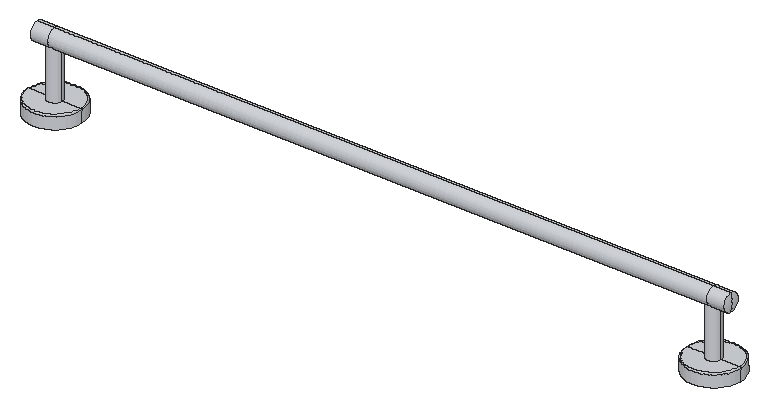
Revit family "Accessory-Towel_Bar-KOHLER-ELATE-K-27287BR_1", category Specialty Equipment, host Face, Revit 2017
Family settings
  Host = Face
  Round Connector Dimension = Use Diameter
  Part Type = Normal
  OmniClass Number = 23.31.25.25
  OmniClass Title = Towel Bars
  Cut with Voids When Loaded = No
  Shared = No
  Room Calculation Point = No
Parameters (values of type "CP-Polished Chrome")
  Width = 24"  # constant formula
  WaterSense Certified = 1 = 0  # no
  URL = "https://br.kohler.com/"
  Type = 1
  Product Page URL = "https://br.kohler.com/product-detail/27287br?skuid=K-27287BR-CP"
  Product Name = "ELATE"  # constant formula
  Product Documentation Link = ""
  Model = if(Type = 1, "K-27287BR-CP", if(Type = 2, "K-27287BR-BN", if(Type = 3, "K-27287BR-BL", "NA")))  # "K-27287BR-CP"
  Material = "Premium Metal Constructon"  # constant formula
  Master Format 2014 Name = "Toilet, Bath, and Laundry Accessories"  # constant formula
  Master Format 2014 = "10 28 00"  # constant formula
  Manufacturer Address = "Rio de Janeiro MULTIREPAROS RUA BATISTA DA COSTA, Nº 352 | STORE B Rio de Janeiro SÃO GONÇALO 24450-470"  # constant formula
  Manufacturer = "KOHLER Co."  # constant formula
  Length = 2 197/256"  # constant formula
  Height = 1 31/32"  # constant formula
  Finish = Kohler-Metal-CP-Polished_Chrome
  Environmental Product Declaration = ""
  Description = "Towel rack 610mm"  # constant formula
  Default Elevation = 42"
  Declare Label = ""
  Date Modified = "09/03/2021"  # constant formula
  Date Created = "09/03/2021"  # constant formula
  Copyright = "Copyright KOHLER Co."  # constant formula
  Contact Us = "https://br.kohler.com/asr-listing"
  Assembly Code = "C1030200"
  ADA Compliant = 1 = 0  # no
Types (4): name | Type | Product Page URL | Model | Finish
  (no name) | 1 | "https://br.kohler.com/product-detail/27287br?skuid=K-27287BR-CP" | "K-27287BR-CP" | Kohler-Metal-CP-Polished_Chrome
  CP-Polished Chrome | 1 | "https://br.kohler.com/product-detail/27287br?skuid=K-27287BR-CP" | "K-27287BR-CP" | Kohler-Metal-CP-Polished_Chrome
  BN-Vibrant Brushed Nickel | 2 | "https://br.kohler.com/product-detail/27287br?skuid=K-27287BR-BN" | "K-27287BR-BN" | Kohler-Metal-BN-Vibrant_Brushed_Nickel
  BL-Matte Black | 3 | "https://br.kohler.com/product-detail/27287br?skuid=K-27287BR-BL" | "K-27287BR-BL" | Kohler-Metal-BL-Matte_Black
Reference planes (in)
  plane 1 "Center (Front/Back)": y = 0
  plane 2: z = 0
  plane 3 "Center (Left/Right)": x = 0
  plane 4: y = 0.98425
  plane 5: y = -0.9845
  plane 6: x = -12.98425
  plane 7: x = -12
  plane 8: x = -12.67009
  plane 9: x = -11.01575
  plane 10: x = 12.98425
  plane 11: x = 12
  plane 12: x = 12.67009
  plane 13: x = 11.01575
  plane 14: z = 0.46457
  plane 15: z = 2.76953
  plane 16: z = 2.45276
  plane 17: z = 2.1378
Dimensions and locks (in)
  "Width": plane 7 to plane 11
  locked: plane 6 to plane 10 at 25.9685
  "Height": plane 5 to plane 4
  "Length": plane 15 to plane 2
  aligned and locked: plane 2 to host face
  aligned and locked: level to host face
  aligned and locked: plane 3 "Center (Left/Right)" to nested 1
  aligned and locked: plane 1 "Center (Front/Back)" to nested 1
Automatic sketch dimensions
  host sketch curve to host sketch curve = 96"  (x2)
Nested families (in)
  nested 1: "K-27287BR" at (0, 0, 0), type "K-27287BR"
Definition of nested family "K-27287BR"
  Parameters (values of type "K-27287BR")
    W = 24"
    Material = none
  Reference planes (in)
    plane 1 "Center (Front/Back)": y = 0
    plane 2: z = 0
    plane 3 "Center (Left/Right)": x = 0
    plane 4: x = -12
    plane 5: x = 12
    plane 6: x = -12.98425
    plane 7: x = -11.01575
    plane 8: x = 12.98425
    plane 9: x = 11.01575
    plane 10: y = 0.98425
    plane 11: y = -0.98425
    plane 12: z = 0.46457
    plane 13: z = 2.45276
    plane 14: z = 2.76772
  Forms (in)
    Revolve 1, solid, material <- "Material", detail levels medium+fine
      sketch origin (0, 0, 0) x (1, 0, 0) y (0, 0, 1)
        loop
          line (-11.74409, 0.46457) -> (-11.74409, 2.45276) -> (-12, 2.45276) -> (-12, 0) -> (-11.01575, 0) -> (-11.01575, 0.42409)
          arc (-11.01575, 0.42409) -> (-11.0276, 0.45271) -> (-11.05623, 0.46457) r 0.04048
          line (-11.05623, 0.46457) -> (-11.74409, 0.46457)
        axis (-12, 2.45276) -> (-12, 0)
      angle from 0 to 360
    Revolve 2, solid, material <- "Material", detail levels medium+fine
      sketch origin (0, 0, 0) x (-1, 0, 0) y (0, 0, 1)
        loop
          line (-11.74409, 0.46457) -> (-11.74409, 2.45276) -> (-12, 2.45276) -> (-12, 0) -> (-11.01575, 0) -> (-11.01575, 0.42409)
          arc (-11.01575, 0.42409) -> (-11.0276, 0.45271) -> (-11.05623, 0.46457) r 0.04048
          line (-11.05623, 0.46457) -> (-11.74409, 0.46457)
        axis (-12, 2.45276) -> (-12, 0)
      angle from 0 to 360
    Revolve 3, solid, material <- "Material", detail levels medium+fine
      sketch origin (0, 0, 0) x (1, 0, 0) y (0, 0, 1)
        loop
          line (-12, 2.76772) -> (-12.63345, 2.76772)
          arc (-12.63345, 2.76772) -> (-12.66027, 2.61125) -> (-12.66926, 2.45276) r 1.40307
          line (-12.66926, 2.45276) -> (-12, 2.45276) -> (-12, 2.76772)
        axis (-12.66926, 2.45276) -> (-12, 2.45276)
      angle from 0 to 360
    Revolve 4, solid, material <- "Material", detail levels medium+fine
      sketch origin (0, 0, 0) x (-1, 0, 0) y (0, 0, 1)
        loop
          line (-12, 2.76772) -> (-12.63345, 2.76772)
          arc (-12.63345, 2.76772) -> (-12.66027, 2.61125) -> (-12.66926, 2.45276) r 1.40307
          line (-12.66926, 2.45276) -> (-12, 2.45276) -> (-12, 2.76772)
        axis (-12.66926, 2.45276) -> (-12, 2.45276)
      angle from 0 to 360
    Revolve 5, solid, material <- "Material", detail levels medium+fine
      sketch origin (0, 0, 0) x (1, 0, 0) y (0, 0, 1)
        loop
          line (-12, 2.45276) -> (12, 2.45276) -> (12, 2.76772) -> (-12, 2.76772) -> (-12, 2.45276)
        axis (-12, 2.45276) -> (12, 2.45276)
      angle from 0 to 360
    Revolve 6, solid, material <- "Material", detail levels coarse
      sketch origin (0, 0, 0) x (1, 0, 0) y (0, 0, 1)
        loop
          line (-12, 2.45276) -> (-12, 0) -> (-11.01575, 0) -> (-11.01575, 0.46457) -> (-11.74409, 0.46457) -> (-11.74409, 2.45276) -> (-12, 2.45276)
        axis (-12, 2.45276) -> (-12, 0)
      angle from 0 to 360
    Revolve 7, solid, material <- "Material", detail levels coarse
      sketch origin (0, 0, 0) x (-1, 0, 0) y (0, 0, 1)
        loop
          line (-12, 2.45276) -> (-12, 0) -> (-11.01575, 0) -> (-11.01575, 0.46457) -> (-11.74409, 0.46457) -> (-11.74409, 2.45276) -> (-12, 2.45276)
        axis (-12, 2.45276) -> (-12, 0)
      angle from 0 to 360
    Revolve 8, solid, material <- "Material", detail levels coarse
      sketch origin (0, 0, 0) x (1, 0, 0) y (0, 0, 1)
        loop
          line (-12, 2.45276) -> (12, 2.45276) -> (12, 2.76772) -> (-12, 2.76772) -> (-12, 2.45276)
        axis (-12, 2.45276) -> (12, 2.45276)
      angle from 0 to 360
    Revolve 9, solid, material <- "Material", detail levels coarse
      sketch origin (0, 0, 0) x (1, 0, 0) y (0, 0, 1)
        loop
          line (-12, 2.76772) -> (-12.67025, 2.76772) -> (-12.67025, 2.45276) -> (-12, 2.45276) -> (-12, 2.76772)
        axis (-12, 2.45276) -> (-12.67025, 2.45276)
      angle from 0 to 360
    Revolve 10, solid, material <- "Material", detail levels coarse
      sketch origin (0, 0, 0) x (-1, 0, 0) y (0, 0, 1)
        loop
          line (-12, 2.76772) -> (-12.67025, 2.76772) -> (-12.67025, 2.45276) -> (-12, 2.45276) -> (-12, 2.76772)
        axis (-12, 2.45276) -> (-12.67025, 2.45276)
      angle from 0 to 360
  Cuts and joins
    joined: Revolve 1, Revolve 2, Revolve 3, Revolve 4, Revolve 5
    joined: Revolve 6, Revolve 7, Revolve 8, Revolve 9, Revolve 10
  Lines and regions (in)
    Masking region 1
      outline origin (0, 0, 0) x (1, 0, 0) y (0, 1, 0)
        loop
          arc (-11.0675, 0.31496) -> (-12.98425, 0) -> (-11.0675, -0.31496) r 0.98425
          line (-11.0675, -0.31496) -> (11.0675, -0.31496)
          arc (11.0675, -0.31496) -> (12.98425, 0) -> (11.0675, 0.31496) r 0.98425
          line (11.0675, 0.31496) -> (-11.0675, 0.31496)
    Masking region 2
      outline origin (0, 0, 0) x (1, 0, 0) y (0, 0, 1)
        loop
          line (12.98425, 0) -> (12.98425, 0.4252)
          arc (12.98425, 0.4252) -> (12.97272, 0.45304) -> (12.94488, 0.46457) r 0.03937
          line (12.94488, 0.46457) -> (12.25591, 0.46457) -> (12.25591, 2.1378) -> (12.63345, 2.1378)
          arc (12.63345, 2.1378) -> (12.66102, 2.2942) -> (12.67025, 2.45276) r 1.36619
          arc (12.67025, 2.45276) -> (12.66102, 2.61131) -> (12.63345, 2.76772) r 1.36619
          line (12.63345, 2.76772) -> (-12.63345, 2.76772)
          arc (-12.63345, 2.76772) -> (-12.66102, 2.61131) -> (-12.67025, 2.45276) r 1.36619
          arc (-12.67025, 2.45276) -> (-12.66102, 2.2942) -> (-12.63345, 2.1378) r 1.36619
          line (-12.63345, 2.1378) -> (-12.25591, 2.1378) -> (-12.25591, 0.46457) -> (-12.94488, 0.46457)
          arc (-12.94488, 0.46457) -> (-12.97272, 0.45304) -> (-12.98425, 0.4252) r 0.03937
          line (-12.98425, 0.4252) -> (-12.98425, 0) -> (-11.01575, 0) -> (-11.01575, 0.42403)
          arc (-11.01575, 0.42403) -> (-11.02762, 0.45269) -> (-11.05629, 0.46457) r 0.04054
          line (-11.05629, 0.46457) -> (-11.74409, 0.46457) -> (-11.74409, 2.1378) -> (11.74409, 2.1378) -> (11.74409, 0.46457) -> (11.05629, 0.46457)
          arc (11.05629, 0.46457) -> (11.02762, 0.45269) -> (11.01575, 0.42403) r 0.04054
          line (11.01575, 0.42403) -> (11.01575, 0) -> (12.98425, 0)
    Masking region 3
      outline origin (0, 0, 0) x (0, 1, 0) y (0, 0, 1)
        loop
          arc (-0.94488, 0.46457) -> (-0.97272, 0.45304) -> (-0.98425, 0.4252) r 0.03937
          line (-0.98425, 0.4252) -> (-0.98425, 0) -> (0.98425, 0) -> (0.98425, 0.42639)
          arc (0.98425, 0.42639) -> (0.97307, 0.45338) -> (0.94607, 0.46457) r 0.03818
          line (0.94607, 0.46457) -> (0.25591, 0.46457) -> (0.25591, 2.26915)
          arc (0.25591, 2.26915) -> (0.28021, 2.59658) -> (0, 2.76772) r 0.31496
          arc (0, 2.76772) -> (-0.28021, 2.59658) -> (-0.25591, 2.26915) r 0.31496
          line (-0.25591, 2.26915) -> (-0.25591, 0.46457) -> (-0.94488, 0.46457)
    symbolic lines, detail levels medium+fine
      curve 1: line (-11.0675, 0.31496, 0) -> (-12.63345, 0.31496, 0)
      curve 2: line (-11.0675, -0.31496, 0) -> (-12.63345, -0.31496, 0)
      curve 3: arc (-12.63345, 0.31496, 0) -> (-12.6609, 0.15854, 0) -> (-12.67009, 0, 0) r 1.3718
      curve 4: arc (-12.63345, -0.31496, 0) -> (-12.6609, -0.15854, 0) -> (-12.67009, 0, 0) r 1.3718
      curve 5: line (-12.63345, 0.31496, 0) -> (-12.63345, -0.31496, 0)
      curve 6: line (-12.40305, 0.31496, 0) -> (-12.40305, -0.31496, 0)
      curve 7: line (11.0675, 0.31496, 0) -> (12.63345, 0.31496, 0)
      curve 8: line (11.0675, -0.31496, 0) -> (12.63345, -0.31496, 0)
      curve 9: arc (12.63345, 0.31496, 0) -> (12.6609, 0.15854, 0) -> (12.67009, 0, 0) r 1.3718
      curve 10: arc (12.63345, -0.31496, 0) -> (12.6609, -0.15854, 0) -> (12.67009, 0, 0) r 1.3718
      curve 11: line (12.63345, 0.31496, 0) -> (12.63345, -0.31496, 0)
      curve 12: line (12.40305, 0.31496, 0) -> (12.40305, -0.31496, 0)
      curve 13: line (12.25591, 0, 0.46457) -> (11.74409, 0, 0.46457)
      curve 14: line (12.63345, 0, 2.76772) -> (12.63345, 0, 2.1378)
      curve 15: line (12.4366, 0, 2.76772) -> (12.4366, 0, 2.1378)
      curve 16: arc (12.25591, 0, 2.1378) -> (12, 0, 2.26915) -> (11.74409, 0, 2.1378) r 0.31496
      curve 17: line (-12.25591, 0, 0.46457) -> (-11.74409, 0, 0.46457)
      curve 18: line (-12.63345, 0, 2.76772) -> (-12.63345, 0, 2.1378)
      curve 19: line (-12.4366, 0, 2.76772) -> (-12.4366, 0, 2.1378)
      curve 20: arc (-12.25591, 0, 2.1378) -> (-12, 0, 2.26915) -> (-11.74409, 0, 2.1378) r 0.31496
      curve 21: line (0, 0.25591, 0.46457) -> (0, -0.25591, 0.46457)
      curve 22: arc (0, 0.25591, 2.26915) -> (0, 0, 2.1378) -> (0, -0.25591, 2.26915) r 0.31496
  Dimensions and locks (in)
    equal spacing: plane 4, plane 3 "Center (Left/Right)", plane 5
    "W": plane 4 to plane 5
    equal spacing: plane 6, plane 4, plane 7
    locked: plane 6 to plane 7 at 1.9685
    equal spacing: plane 9, plane 5, plane 8
    locked: plane 9 to plane 8 at 1.9685
    locked: plane 10 to plane 11 at 1.9685
    aligned and locked: plane 2 to level
    aligned and locked: plane 4 to Revolve 1 sketch curve
    aligned and locked: Revolve 1 sketch curve to plane 4
    aligned and locked: plane 4 to Revolve 3 sketch curve
    aligned and locked: Revolve 5 sketch curve to plane 4
    aligned and locked: Revolve 5 sketch curve to plane 5
    aligned and locked: Revolve 6 sketch curve to plane 4  (x2)
    aligned and locked: Revolve 8 sketch curve to plane 13  (x2)
    aligned and locked: Revolve 8 sketch curve to plane 5
    aligned and locked: plane 4 to Revolve 8 sketch curve
    aligned and locked: Revolve 9 sketch curve to plane 4
  Automatic sketch dimensions
    curve 3 to curve 4 = 0"  (x2)
    curve 9 to curve 10 = 0"  (x2)
    plane 1 "Center (Front/Back)" to curve 4 = 0"
    plane 1 "Center (Front/Back)" to curve 10 = 0"
    plane 6 to curve 2 = 0.35081"
    plane 7 to curve 3 = 0.28255"
    plane 9 to curve 10 = 0.28255"
    plane 8 to curve 8 = 0.35081"
    plane 1 "Center (Front/Back)" to curve 11 = 0.31496"
    plane 1 "Center (Front/Back)" to curve 5 = 0.31496"
    curve 1 to curve 6 = 0.2304"
    plane 7 to curve 1 = 0.05175"
    plane 7 to curve 2 = 0.05175"
    plane 9 to curve 7 = 0.05175"
    plane 9 to curve 8 = 0.05175"
    curve 12 to curve 7 = 0.2304"
    plane 12 to curve 21 = 0"
    curve 22 to plane 1 "Center (Front/Back)" = 0"
    curve 22 to plane 13 = 0"
    plane 1 "Center (Front/Back)" to curve 22 = 0.25591"
    plane 1 "Center (Front/Back)" to curve 21 = 0.25591"
    curve 22 to plane 1 "Center (Front/Back)" = 0.25591"
    curve 21 to plane 1 "Center (Front/Back)" = 0.25591"
    curve 22 to plane 13 = 47/256"
    curve 18 to plane 14 = 0"
    curve 19 to plane 14 = 0"
    curve 17 to plane 12 = 0"
    curve 20 to plane 4 = 0"
    curve 13 to plane 12 = 0"
    plane 5 to curve 16 = 0"
    curve 15 to plane 14 = 0"
    curve 14 to plane 14 = 0"
    curve 16 to plane 13 = 0.49857"
    curve 20 to plane 13 = 0.49857"
    curve 17 to plane 4 = 0.25591"
    curve 20 to plane 4 = 0.25591"
    curve 19 to plane 4 = 0.4366"
    curve 18 to curve 19 = 0.19685"
    plane 4 to curve 17 = 0.25591"
    plane 4 to curve 20 = 0.25591"
    plane 5 to curve 13 = 0.25591"
    plane 5 to curve 16 = 0.25591"
    curve 16 to plane 5 = 0.25591"
    curve 13 to plane 5 = 0.25591"
    curve 16 to curve 15 = 0.18069"
    curve 15 to curve 14 = 0.19685"
    curve 16 to plane 13 = 0.31496"
    curve 14 to plane 13 = 0.31496"
    curve 20 to plane 13 = 0.31496"
    curve 15 to curve 16 = 0"
    curve 18 to plane 13 = 0.31496"
    curve 19 to curve 20 = 0"
    Revolve 1 sketch curve to plane 13 = 0"
    Revolve 1 sketch curve to plane 12 = 0"
    Revolve 1 sketch curve to level = 0"  (x2)
    plane 7 to Revolve 1 sketch curve = 0"
    plane 4 to Revolve 1 sketch curve = 0.25591"
    plane 7 to Revolve 1 sketch curve = 0.04048"
    Revolve 1 sketch curve to level = 0.3937"
    Revolve 2 sketch curve to level = 0"  (x2)
    plane 5 to Revolve 2 sketch curve = 0"  (x2)
    Revolve 2 sketch curve to plane 13 = 0"
    Revolve 2 sketch curve to plane 12 = 0"
    Revolve 2 sketch curve to plane 9 = 0"
    Revolve 2 sketch curve to plane 5 = 0.25591"
    Revolve 2 sketch curve to plane 9 = 0.04048"
    level to Revolve 2 sketch curve = 0.3937"
    Revolve 3 sketch curve to plane 13 = 0"  (x2)
    Revolve 3 sketch curve to plane 14 = 0"
    plane 6 to Revolve 3 sketch curve = 0.35081"
    Revolve 3 sketch curve to Revolve 3 sketch curve = 0.03581"
    plane 4 to Revolve 3 sketch curve = 0.04358"
    Revolve 3 sketch curve to Revolve 3 sketch curve = 0.30686"
    Revolve 4 sketch curve to plane 13 = 0"  (x2)
    Revolve 4 sketch curve to plane 14 = 0"
    plane 5 to Revolve 4 sketch curve = 0"
    Revolve 4 sketch curve to plane 8 = 0.35081"
    Revolve 4 sketch curve to Revolve 4 sketch curve = 0.03581"
    Revolve 4 sketch curve to plane 5 = 0.04358"
    Revolve 4 sketch curve to Revolve 4 sketch curve = 0.30686"
    plane 8 to Revolve 5 sketch curve = 0"
    Revolve 5 sketch curve to plane 13 = 0"  (x2)
    Revolve 5 sketch curve to plane 14 = 0"
    Revolve 5 sketch curve to Revolve 5 sketch curve = 1.5748"
    plane 1 "Center (Front/Back)" to Masking region 1 sketch curve = 0"  (x2)
    Masking region 1 sketch curve to plane 4 = 0"
    Masking region 1 sketch curve to plane 5 = 0"
    plane 7 to Masking region 1 sketch curve = 0.05175"  (x2)
    plane 9 to Masking region 1 sketch curve = 0.05175"
    plane 1 "Center (Front/Back)" to Masking region 1 sketch curve = 0.31496"
    Masking region 2 sketch curve to Masking region 2 sketch curve = 0"  (x4)
    Masking region 2 sketch curve to plane 6 = 0"
    Masking region 2 sketch curve to plane 12 = 0"  (x4)
    Masking region 2 sketch curve to plane 13 = 0"  (x2)
    Masking region 2 sketch curve to plane 14 = 0"
    Masking region 2 sketch curve to level = 0"  (x2)
    plane 7 to Masking region 2 sketch curve = 0"
    Masking region 2 sketch curve to plane 9 = 0"
    plane 8 to Masking region 2 sketch curve = 0"
    plane 6 to Masking region 2 sketch curve = 0.03937"
    plane 6 to Masking region 2 sketch curve = 0.35081"  (x2)
    Masking region 2 sketch curve to plane 4 = 0.25591"
    plane 4 to Masking region 2 sketch curve = 0.25591"
    plane 7 to Masking region 2 sketch curve = 0.28831"
    Masking region 2 sketch curve to Masking region 2 sketch curve = 0.04054"  (x2)
    plane 9 to Masking region 2 sketch curve = 0.28831"
    plane 5 to Masking region 2 sketch curve = 0.25591"
    Masking region 2 sketch curve to plane 5 = 0.25591"
    plane 8 to Masking region 2 sketch curve = 0.35081"
    Masking region 2 sketch curve to plane 13 = 0.31496"  (x2)
    plane 8 to Masking region 2 sketch curve = 0.03937"
    Masking region 3 sketch curve to Masking region 3 sketch curve = 0"  (x2)
    Masking region 3 sketch curve to plane 11 = 0"
    plane 12 to Masking region 3 sketch curve = 0"  (x2)
    Masking region 3 sketch curve to plane 1 "Center (Front/Back)" = 0"
    Masking region 3 sketch curve to plane 10 = 0"
    Masking region 3 sketch curve to level = 0"
    Masking region 3 sketch curve to plane 13 = 0"
    Masking region 3 sketch curve to plane 14 = 0"
    Masking region 3 sketch curve to plane 11 = 0.03937"
    plane 1 "Center (Front/Back)" to Masking region 3 sketch curve = 0.25591"
    Masking region 3 sketch curve to plane 13 = 47/256"
    Masking region 3 sketch curve to plane 10 = 0.03818"
    Revolve 6 sketch curve to plane 12 = 0"
    Revolve 6 sketch curve to plane 13 = 0"
    Revolve 6 sketch curve to level = 0"  (x2)
    plane 7 to Revolve 6 sketch curve = 0"
    plane 4 to Revolve 6 sketch curve = 0.25591"
    Revolve 6 sketch curve to level = 0.7874"
    plane 5 to Revolve 7 sketch curve = 0"  (x2)
    Revolve 7 sketch curve to plane 12 = 0"
    Revolve 7 sketch curve to plane 13 = 0"
    Revolve 7 sketch curve to level = 0"  (x2)
    Revolve 7 sketch curve to plane 9 = 0"
    Revolve 7 sketch curve to plane 5 = 0.25591"
    Revolve 7 sketch curve to Revolve 7 sketch curve = 0.7874"
    Revolve 8 sketch curve to plane 14 = 0"
    plane 8 to Revolve 8 sketch curve = 0.16623"
    Revolve 8 sketch curve to plane 8 = 0.33876"
    Revolve 9 sketch curve to plane 13 = 0"  (x2)
    Revolve 9 sketch curve to plane 14 = 0"
    plane 6 to Revolve 9 sketch curve = 0.314"
    Revolve 9 sketch curve to Revolve 9 sketch curve = 0.12081"
    Revolve 9 sketch curve to plane 6 = 0.06244"
    Revolve 10 sketch curve to plane 13 = 0"  (x2)
    Revolve 10 sketch curve to plane 14 = 0"
    plane 5 to Revolve 10 sketch curve = 0"
    Revolve 10 sketch curve to plane 8 = 0.314"
    Revolve 10 sketch curve to Revolve 10 sketch curve = 0.12081"
    plane 8 to Revolve 10 sketch curve = 0.06244"
